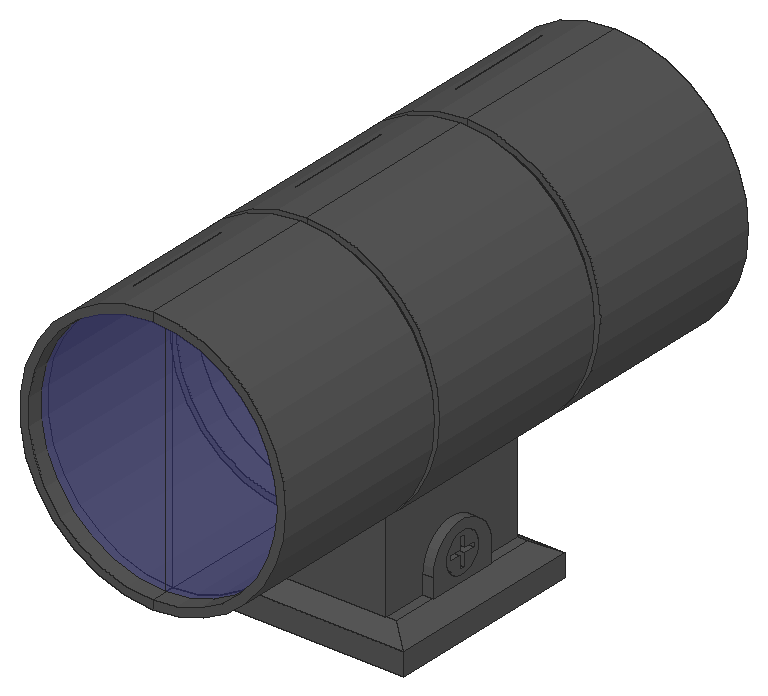
Revit family "CARLO CYLINDER LIGHT WALL MOUNT", category Lighting Fixtures, host Face, Revit 2020 (continued)
Types (10): name | Wattage_Input | Wattage Comments | Wattage | Photometric Web File | built-in parameter 1150142 | Model | built-in parameter 1150105 | Lumens | Light Length 1 | LIGHT RADIUS | LIGHT PLACEMENT | LIGHT LENGTH | LIGHT DIA | built-in parameter 1150106 | FIXED END HEIGHT | Curve base Height | Base Curve | BEAMING ANGLE | Apparent Load
    9 638.21 659.03 683.14 712.03 745.85 788.79 847.54 914.67 984.1 \r\n 1058.5 1135.5 1224.3 1334.8 1463 1609.2 1770.6 1944.7 2130.4 2327.1 \r\n 2530.4 2735.7 2942.7 3149.5 3355.6 3560.1 3762.7 3965.2 4160.2 4339.4 \r\n 4507.2 4665.7 4812.8 4948 5069.2 5173.6 5263.3 5338.9 5403.2 5459.5 \r\n 5509.6 \r\n5444.5 5439.9 5380.1 5312.9 5233.2 5135.2 5022.9 4898.8 4762 4612.4 \r\n 4449.5 4271.9 4082.4 3881.6 3674.9 3467.6 3260.2 3055.4 2851.1 2645.9 \r\n 2441.2 2235.2 2036.4 1853.1 1684.7 1533.7 1398.1 1277.4 1170 1074.4 \r\n 990.84 919.72 858.99 807 762.81 725.09 693.28 666.72 644.39 625.11 \r\n 608.71 594.72 582.81 572.57 563.8 556.2 549.54 543.47 538.01 533.08 \r\n 528.64 524.77 521.12 517.25 513.58 510.61 507.72 504.21 500.87 498.59 \r\n 496.49 493.71 491.12 489.58 488.2 486.33 484.09 481.43 478.17 474.86 \r\n 469.17 458.88 444.21 424.14 400.2 373.36 344.21 313.34 281.7 250.59 \r\n 219.52 187.94 157.32 128.72 102.77 79.83 61.697 51.475 45.587 41.716 \r\n 39.189 36.433 33.834 31.217 28.686 26.211 24.018 22.428 21.116 19.846 \r\n 18.668 17.556 16.495 15.46 14.449 13.445 12.471 11.547 10.673 9.8716 \r\n 9.1019 8.3134 7.5571 6.8702 6.2443 5.685 5.1869 4.7462 4.3634 4.0465 \r\n 3.7699 3.5064 3.2682 3.06 2.877 2.7185 2.5768 2.4433 2.32 2.2063 \r\n 2.1014 2.0047 1.9153 1.8326 1.7559 1.6849 1.6174 1.5505 1.4853 1.4218 \r\n 1.3603 1.3013 1.2439 1.1872 1.1316 1.0771 1.0243 0.97488 0.92587 0.87272 \r\n 0.82137 0.77877 0.7374 0.68984 0.64278 0.60185 0.56278 0.52161 0.48308 0.45321 \r\n 0.4242 0.38776 0.35147 0.32095 0.29378 0.27141 0.24779 0.21708 0.18614 0.16203 \r\n 0.13826 0.1108 0.079388 0.036014 0 0 0 0 0 0 \r\n 0 0 0 0 0 0 0 0.040896 0.089542 0.12319 \r\n 0.15154 0.17555 0.19878 0.22676 0.25446 0.27737 0.29951 0.32558 0.35623 0.39655 \r\n 0.43783 0.46975 0.50217 0.54422 0.58768 0.62485 0.66324 0.71015 0.75848 0.80131 \r\n 0.8454 0.89727 0.9507 1.0002 1.05 1.1031 1.1578 1.2129 1.2689 1.3255 \r\n 1.384 1.4455 1.5096 1.5763 1.6448 1.7131 1.7843 1.8605 1.9429 2.0337 \r\n 2.1321 2.2378 2.3514 2.4728 2.604 2.7441 2.9013 3.0819 3.2901 3.5358 \r\n 3.808 4.09 4.4101 4.7907 5.2333 5.7537 6.3315 6.9452 7.6134 8.3604 \r\n 9.1482 9.9381 10.756 11.612 12.519 13.511 14.534 15.528 16.553 17.662 \r\n 18.823 19.989 21.263 22.672 24.391 26.744 29.307 31.693 34.114 36.597 \r\n 39.3 41.555 45.857 54.595 67.422 85.275 106.68 130.24 156.69 187.11 \r\n 219.18 250.84 282.48 314.14 344.88 373.94 400.72 424.65 444.88 460.16 \r\n 471.07 476.95 480.33 483.76 486.58 488.97 491.03 492.73 494.6 497.41 \r\n 500.36 502.61 505.03 508.48 512.12 515.16 518.28 522.06 526.09 530.08 \r\n 534.29 538.89 543.91 549.35 555.46 562.36 570.33 579.55 590.35 602.98 \r\n 617.8 635.02 655.29 678.84 707 740.31 781.3 833.7 894.39 960.9 \r\n 1035 1116 1208.8 1318.4 1444 1586.7 1744.7 1917 2102.4 2301.6 \r\n 2507.5 2712.5 2918.3 3123.8 3329.3 3534.9 3739.4 3943.9 4141.4 4324.5 \r\n 4496 4656.2 4804.3 4939.9 5062.1 5169.8 5263 5340 5405.1 5462.5 \r\n 5509.6 \r\n5444.5 5461 5402.8 5337 5258.8 5162.6 5052 4929.1 4793.3 4644.5 \r\n 4482.8 4308.1 4121.4 3921.9 3715.9 3509.8 3303.2 3098.4 2893.9 2689.3 \r\n 2484.7 2276.9 2075.9 1891 1720.4 1565.7 1426.4 1303.4 1194.5 1097.9 \r\n 1013.1 939.24 875.41 820.66 774.11 734.91 702.04 674.52 651.43 631.62 \r\n 614.78 600.31 587.96 577.36 568.26 560.36 553.47 547.29 541.77 536.78 \r\n 532.26 528.2 524.35 520.3 516.52 513.56 510.7 507.11 503.69 501.38 \r\n 499.25 496.4 493.73 492.16 490.78 488.94 486.75 484.16 480.97 477.74 \r\n 472.06 461.53 446.63 426.56 402.66 375.75 346.49 315.45 283.58 252.12 \r\n 220.68 188.74 157.88 129.4 103.7 81.126 63.122 52.19 45.527 41.53 \r\n 39.093 36.439 33.974 31.496 29.058 26.539 24.253 22.583 21.207 19.932 \r\n 18.761 17.627 16.543 15.509 14.504 13.494 12.515 11.597 10.73 9.9262 \r\n 9.1514 8.358 7.5994 6.9197 6.2995 5.7323 5.2243 4.7811 4.3974 4.0774 \r\n 3.7973 3.5306 3.2899 3.0812 2.8983 2.7398 2.5983 2.4655 2.3426 2.2283 \r\n 2.1225 2.0247 1.9345 1.8514 1.7744 1.7028 1.6341 1.565 1.4979 1.4346 \r\n 1.3737 1.3149 1.2576 1.201 1.1455 1.0907 1.0373 0.98695 0.9371 0.88414 \r\n 0.83317 0.79049 0.7488 0.70027 0.65275 0.61382 0.57639 0.5334 0.49241 0.46199 \r\n 0.43208 0.39186 0.35216 0.32187 0.29603 0.27455 0.25167 0.22194 0.19171 0.16761 \r\n 0.14348 0.11557 0.083289 0.037883 0 0 0 0 0 0 \r\n 0 0 0 0 0 0 0 0.037883 0.083289 0.11557 \r\n 0.14348 0.16761 0.19171 0.22194 0.25167 0.27455 0.29603 0.32187 0.35216 0.39186 \r\n 0.43208 0.46199 0.49241 0.5334 0.57639 0.61382 0.65275 0.70027 0.7488 0.79049 \r\n 0.83317 0.88414 0.9371 0.98695 1.0373 1.0907 1.1455 1.201 1.2576 1.3149 \r\n 1.3737 1.4346 1.4979 1.565 1.6341 1.7028 1.7744 1.8514 1.9345 2.0247 \r\n 2.1225 2.2283 2.3426 2.4655 2.5983 2.7398 2.8983 3.0812 3.2899 3.5306 \r\n 3.7973 4.0774 4.3974 4.7811 5.2243 5.7323 6.2995 6.9197 7.5994 8.358 \r\n 9.1514 9.9262 10.73 11.597 12.515 13.494 14.504 15.509 16.543 17.627 \r\n 18.761 19.932 21.207 22.583 24.254 26.539 29.058 31.496 33.974 36.439 \r\n 39.093 41.53 45.527 52.19 63.122 81.126 103.7 129.4 157.88 188.74 \r\n 220.68 252.12 283.58 315.45 346.49 375.75 402.66 426.56 446.63 461.53 \r\n 472.06 477.74 480.97 484.16 486.75 488.94 490.78 492.16 493.73 496.4 \r\n 499.25 501.38 503.69 507.11 510.7 513.56 516.52 520.3 524.35 528.2 \r\n 532.26 536.78 541.77 547.29 553.47 560.36 568.26 577.36 587.96 600.31 \r\n 614.78 631.62 651.43 674.52 702.04 734.91 774.11 820.66 875.41 939.24 \r\n 1013.1 1097.9 1194.5 1303.4 1426.4 1565.7 1720.4 1891 2075.9 2276.9 \r\n 2484.7 2689.3 2893.9 3098.4 3303.2 3509.8 3715.9 3921.9 4121.4 4308.1 \r\n 4482.8 4644.5 4793.3 4929.1 5052 5162.6 5258.8 5337 5402.8 5461 \r\n 5509.6 \r\n5444.5 5462.5 5405.1 5340 5263 5169.8 5062.1 4939.9 4804.3 4656.2 \r\n 4496 4324.5 4141.4 3943.9 3739.4 3534.9 3329.3 3123.8 2918.3 2712.5 \r\n 2507.5 2301.6 2102.4 1917 1744.7 1586.7 1444 1318.4 1208.8 1116 \r\n 1035 960.9 894.39 833.7 781.3 740.31 707 678.84 655.29 635.02 \r\n 617.8 602.98 590.35 579.55 570.33 562.36 555.46 549.35 543.91 538.89 \r\n 534.29 530.08 526.09 522.06 518.28 515.16 512.12 508.48 505.03 502.61 \r\n 500.36 497.41 494.6 492.73 491.03 488.97 486.58 483.76 480.33 476.95 \r\n 471.07 460.16 444.88 424.65 400.72 373.94 344.88 314.14 282.48 250.84 \r\n 219.18 187.11 156.69 130.24 106.68 85.275 67.422 54.595 45.857 41.555 \r\n 39.3 36.597 34.114 31.693 29.307 26.744 24.391 22.672 21.263 19.989 \r\n 18.823 17.662 16.553 15.528 14.534 13.511 12.519 11.612 10.756 9.9381 \r\n 9.1482 8.3604 7.6134 6.9452 6.3315 5.7537 5.2333 4.7907 4.4101 4.09 \r\n 3.808 3.5358 3.2901 3.0819 2.9013 2.7441 2.604 2.4728 2.3514 2.2378 \r\n 2.1321 2.0337 1.9429 1.8605 1.7843 1.7131 1.6448 1.5763 1.5096 1.4455 \r\n 1.384 1.3255 1.2689 1.2129 1.1578 1.1031 1.05 1.0002 0.9507 0.89727 \r\n 0.8454 0.80131 0.75848 0.71015 0.66324 0.62485 0.58768 0.54422 0.50217 0.46975 \r\n 0.43783 0.39655 0.35623 0.32558 0.29951 0.27737 0.25446 0.22676 0.19878 0.17555 \r\n 0.15154 0.12319 0.089542 0.040896 0 0 0 0 0 0 \r\n 0 0 0 0 0 0 0 0.036014 0.079388 0.1108 \r\n 0.13826 0.16203 0.18614 0.21708 0.24779 0.27141 0.29378 0.32095 0.35147 0.38776 \r\n 0.4242 0.45321 0.48308 0.52161 0.56278 0.60185 0.64278 0.68984 0.7374 0.77877 \r\n 0.82137 0.87272 0.92587 0.97488 1.0243 1.0771 1.1316 1.1872 1.2439 1.3013 \r\n 1.3603 1.4218 1.4853 1.5505 1.6174 1.6849 1.7559 1.8326 1.9153 2.0047 \r\n 2.1014 2.2063 2.32 2.4433 2.5768 2.7185 2.877 3.06 3.2682 3.5064 \r\n 3.7699 4.0465 4.3634 4.7462 5.1869 5.685 6.2443 6.8702 7.5571 8.3134 \r\n 9.1019 9.8716 10.673 11.547 12.471 13.445 14.449 15.46 16.495 17.556 \r\n 18.668 19.846 21.116 22.428 24.018 26.211 28.686 31.217 33.834 36.433 \r\n 39.189 41.716 45.587 51.475 61.697 79.83 102.77 128.72 157.32 187.94 \r\n 219.52 250.59 281.7 313.34 344.21 373.36 400.2 424.14 444.21 458.88 \r\n 469.17 474.86 478.17 481.43 484.09 486.33 488.2 489.58 491.12 493.71 \r\n 496.49 498.59 500.87 504.21 507.72 510.61 513.58 517.25 521.12 524.77 \r\n 528.64 533.08 538.01 543.47 549.54 556.2 563.8 572.57 582.81 594.72 \r\n 608.71 625.11 644.39 666.72 693.28 725.09 762.81 807 858.99 919.72 \r\n 990.84 1074.4 1170 1277.4 1398.1 1533.7 1684.7 1853.1 2036.4 2235.2 \r\n 2441.2 2645.9 2851.1 3055.4 3260.2 3467.6 3674.9 3881.6 4082.4 4271.9 \r\n 4449.5 4612.4 4762 4898.8 5022.9 5135.2 5233.2 5312.9 5380.1 5439.9 \r\n 5509.6 \r\n5444.5 5459.5 5403.2 5338.9 5263.3 5173.6 5069.2 4948 4812.8 4665.7 \r\n 4507.2 4339.4 4160.2 3965.2 3762.7 3560.1 3355.6 3149.5 2942.7 2735.7 \r\n 2530.4 2327.1 2130.3 1944.7 1770.6 1609.2 1463 1334.8 1224.3 1135.5 \r\n 1058.5 984.1 914.67 847.54 788.79 745.85 712.03 683.14 659.03 638.21 \r\n 620.49 605.28 592.33 581.33 571.99 563.97 557.07 551.05 545.68 540.64 \r\n 535.97 531.63 527.54 523.58 519.84 516.53 513.29 509.63 506.16 503.61 \r\n 501.2 498.15 495.18 492.96 490.88 488.56 485.92 482.8 479.09 475.5 \r\n 469.42 458.26 442.78 422.49 398.62 372.07 343.33 313.01 281.65 249.89 \r\n 218.09 185.97 156.1 131.83 110.56 90.324 72.522 57.526 46.438 41.753 \r\n 39.662 36.87 34.332 31.943 29.593 26.991 24.578 22.807 21.356 20.074 \r\n 18.904 17.715 16.583 15.563 14.578 13.541 12.536 11.641 10.795 9.9597 \r\n 9.1525 8.3718 7.638 6.9798 6.3707 5.7819 5.2488 4.8058 4.4272 4.1058 \r\n 3.8209 3.5423 3.2911 3.0828 2.9039 2.7475 2.6083 2.4785 2.3584 2.2454 \r\n 2.1398 2.0408 1.9495 1.8677 1.7923 1.7216 1.6539 1.5866 1.5206 1.4557 \r\n 1.3932 1.3351 1.2792 1.2237 1.1691 1.1148 1.062 1.0129 0.96393 0.91006 \r\n 0.85722 0.81151 0.76738 0.71939 0.67321 0.63505 0.59787 0.55433 0.51164 0.47709 \r\n 0.44311 0.40157 0.3614 0.33036 0.30372 0.28047 0.25722 0.2317 0.20621 0.18391 \r\n 0.16005 0.13145 0.096555 0.044309 0 0 0 0 0 0 \r\n 0 0 0 0 0 0 0 0.035089 0.077388 0.1081 \r\n 0.13507 0.15852 0.18259 0.21391 0.24533 0.26999 0.2937 0.32247 0.35328 0.38577 \r\n 0.41808 0.44652 0.47628 0.51233 0.55159 0.59246 0.63552 0.68191 0.72835 0.76972 \r\n 0.81266 0.86458 0.91799 0.96607 1.0143 1.0665 1.1206 1.1762 1.233 1.2904 \r\n 1.3494 1.4118 1.4755 1.5385 1.6028 1.669 1.7392 1.8155 1.8977 1.9862 \r\n 2.082 2.1858 2.2987 2.4225 2.5566 2.6984 2.8568 3.0399 3.2479 3.4847 \r\n 3.7462 4.0204 4.3349 4.7167 5.1553 5.6451 6.1982 6.8304 7.5241 8.2761 \r\n 9.0587 9.827 10.63 11.509 12.438 13.409 14.41 15.426 16.462 17.503 \r\n 18.595 19.785 21.053 22.304 23.814 25.913 28.343 30.974 33.746 36.508 \r\n 39.4 42.001 45.847 51.465 61.455 79.745 102.87 128.75 157.14 187.44 \r\n 218.63 249.31 280.05 311.36 341.94 370.87 397.55 421.44 441.43 455.75 \r\n 465.73 471.44 474.88 478.27 481.06 483.41 485.38 486.84 488.41 490.95 \r\n 493.66 495.77 498.05 501.29 504.72 507.67 510.68 514.21 517.88 521.31 \r\n 524.99 529.33 534.2 539.56 545.48 551.88 559.15 567.59 577.45 588.93 \r\n 602.48 618.5 637.31 658.91 684.55 715.3 751.75 794.42 844.51 902.65 \r\n 971.13 1052.8 1146.6 1252 1370.3 1502.3 1649.8 1816.2 1997.5 2193.2 \r\n 2396.8 2601.5 2807.5 3011.9 3217 3425.2 3633.4 3840.6 4042.3 4234.2 \r\n 4414.3 4578.1 4728.4 4866.2 4991.4 5105 5204.3 5285.3 5353.9 5415.2 \r\n 5509.6 \r\n5444.5 5453.7 5398.8 5335.6 5261.8 5175.8 5075.2 4955.4 4821.2 4675.5 \r\n 4519.2 4355.2 4180.1 3988.2 3788.2 3587.8 3384.6 3178 2970.2 2762.1 \r\n 2556.5 2356.1 2162.1 1976 1799.9 1635.2 1485.5 1354.4 1242.7 1157.2 \r\n 1083.5 1008.4 935.81 862.25 797.2 752.17 717.65 687.86 663.04 641.51 \r\n 623.17 607.46 594.14 582.91 573.42 565.32 558.41 552.44 547.14 542.07 \r\n 537.34 532.9 528.74 524.87 521.21 517.73 514.3 510.63 507.16 504.46 \r\n 501.88 498.73 495.61 493.02 490.53 487.92 485.01 481.58 477.57 473.75 \r\n 467.52 456.29 440.83 420.63 396.95 370.74 342.4 312.54 281.54 249.75 \r\n 217.89 185.8 156.49 134.28 115.11 95.876 77.976 60.747 47.273 42.152 \r\n 40.179 37.267 34.653 32.272 29.943 27.307 24.843 23.009 21.502 20.196 \r\n 19.012 17.796 16.641 15.621 14.64 13.59 12.575 11.689 10.851 9.9979 \r\n 9.173 8.3998 7.6791 7.0277 6.4201 5.8208 5.276 4.8308 4.4518 4.1272 \r\n 3.8378 3.5525 3.2955 3.0863 2.9079 2.7513 2.6122 2.4832 2.3639 2.2511 \r\n 2.1454 2.0459 1.9541 1.8727 1.7979 1.7277 1.6606 1.5945 1.5295 1.4636 \r\n 1.4001 1.3422 1.287 1.232 1.1779 1.1241 1.0718 1.0234 0.97482 0.92066 \r\n 0.86701 0.81971 0.77425 0.72662 0.68115 0.64293 0.6056 0.56236 0.51952 0.48299 \r\n 0.44716 0.40611 0.36676 0.33537 0.30798 0.28331 0.25949 0.23612 0.21315 0.19171 \r\n 0.16801 0.13947 0.10362 0.047786 0 0 0 0 0 0 \r\n 0 0 0 0 0 0 0.000000 0.035315 0.077723 0.10799 \r\n 0.13447 0.15776 0.18188 0.21334 0.24528 0.27119 0.29656 0.32696 0.3581 0.38685 \r\n 0.41521 0.44347 0.47352 0.50741 0.54496 0.58759 0.63265 0.67824 0.72354 0.76526 \r\n 0.80891 0.8615 0.9152 0.96243 1.0095 1.0611 1.1148 1.1703 1.2272 1.2844 \r\n 1.3435 1.4068 1.4707 1.5314 1.5931 1.6581 1.7275 1.8032 1.885 1.9726 \r\n 2.0674 2.1701 2.2823 2.4063 2.541 2.6828 2.8412 3.0244 3.2323 3.4687 \r\n 3.7295 4.0026 4.3157 4.6968 5.1336 5.6174 6.1664 6.8051 7.5051 8.2521 \r\n 9.029 9.7994 10.607 11.491 12.424 13.393 14.392 15.413 16.451 17.475 \r\n 18.55 19.754 21.024 22.218 23.652 25.659 28.045 30.776 33.706 36.638 \r\n 39.684 42.34 46.258 52.107 62.334 80.786 103.93 129.56 157.58 187.51 \r\n 218.32 248.66 279.05 309.97 340.19 368.83 395.26 419 438.8 452.66 \r\n 462.24 467.96 471.56 475.11 478.07 480.56 482.64 484.24 485.91 488.41 \r\n 491.05 493.2 495.52 498.66 502 505.03 508.1 511.48 514.93 518.15 \r\n 521.65 525.89 530.67 535.91 541.65 547.77 554.72 562.83 572.33 583.41 \r\n 596.54 612.24 630.63 651.56 676.37 706.13 741.5 783.25 832.18 888.46 \r\n 954.75 1034.1 1125.5 1228.5 1344.2 1472.8 1617 1781.4 1960.8 2153 \r\n 2353.6 2558.3 2765.2 2970 3175.6 3384.6 3593.6 3801.2 4003.7 4197.5 \r\n 4379.5 4544.2 4695.1 4833.9 4960.1 5074.5 5174.8 5257 5326.9 5389.5 \r\n 5509.6 \r\n5444.5 5446.9 5393.8 5332.2 5260.5 5178.6 5082 4964.4 4831.8 4688 \r\n 4534.2 4374.4 4203.6 4015.3 3818.4 3620.5 3418.8 3212.2 3003.6 2794.7 \r\n 2589.1 2391.4 2199.9 2013.1 1834.7 1666.8 1513.5 1379.2 1265.6 1181.7 \r\n 1109.8 1033.2 957.34 877.9 807.16 759.93 724.39 693.47 667.7 645.26 \r\n 626.14 609.81 596.02 584.47 574.78 566.55 559.57 553.61 548.31 543.21 \r\n 538.42 533.92 529.74 525.98 522.42 518.81 515.22 511.57 508.11 505.27 \r\n 502.5 499.26 496 493.06 490.18 487.29 484.13 480.38 476.1 472.07 \r\n 465.76 454.71 439.55 419.64 396.3 370.52 342.64 313.25 282.61 250.87 \r\n 219.04 187.07 158.27 137.7 120.12 101.53 83.341 64.024 48.365 42.78 \r\n 40.848 37.798 35.098 32.704 30.383 27.722 25.213 23.3 21.714 20.366 \r\n 19.154 17.911 16.736 15.71 14.725 13.666 12.643 11.764 10.931 10.06 \r\n 9.2184 8.4522 7.7425 7.0931 6.4829 5.8747 5.3198 4.8698 4.4869 4.1563 \r\n 3.8605 3.5687 3.3062 3.0946 2.915 2.7568 2.6164 2.4873 2.3682 2.2549 \r\n 2.1487 2.0486 1.9565 1.8749 1.8003 1.7303 1.6637 1.5989 1.5347 1.468 \r\n 1.4033 1.3456 1.2908 1.2363 1.1826 1.1294 1.0777 1.0297 0.98139 0.92721 \r\n 0.87316 0.82452 0.77787 0.73048 0.68551 0.64704 0.6095 0.56696 0.52451 0.48643 \r\n 0.44924 0.40935 0.3714 0.33981 0.31159 0.28536 0.26079 0.23936 0.21873 0.19796 \r\n 0.1744 0.14632 0.11003 0.050992 0 0 0 0 0 0 \r\n 0 0 0 0 0 0 0.0010498 0.03749 0.080825 0.11093 \r\n 0.13703 0.16043 0.18478 0.21626 0.24858 0.27592 0.30309 0.33499 0.3664 0.39199 \r\n 0.41707 0.44556 0.47631 0.50871 0.54506 0.5892 0.63587 0.68061 0.7249 0.76729 \r\n 0.81196 0.86525 0.91925 0.96583 1.0121 1.0631 1.1165 1.1718 1.2287 1.2858 \r\n 1.3449 1.4088 1.4729 1.5316 1.5909 1.6549 1.7236 1.7989 1.8802 1.967 \r\n 2.061 2.1626 2.274 2.3982 2.5332 2.6751 2.8334 3.0168 3.2249 3.4619 \r\n 3.7233 3.9969 4.3101 4.6905 5.1261 5.6067 6.1541 6.7989 7.5046 8.2475 \r\n 9.0203 9.7961 10.61 11.498 12.434 13.402 14.402 15.429 16.469 17.477 \r\n 18.54 19.759 21.034 22.177 23.543 25.464 27.808 30.632 33.709 36.799 \r\n 39.999 42.685 46.773 53.345 64.272 82.864 105.89 131.2 158.82 188.43 \r\n 218.94 249.01 279.11 309.65 339.47 367.76 393.89 417.36 436.84 450.11 \r\n 459.19 464.88 468.64 472.36 475.51 478.12 480.33 482.12 483.93 486.4 \r\n 488.98 491.2 493.56 496.6 499.85 502.97 506.11 509.34 512.59 515.63 \r\n 518.96 523.1 527.77 532.85 538.39 544.25 550.9 558.71 567.89 578.6 \r\n 591.36 606.77 624.8 645.15 669.24 698.12 732.63 773.85 822.18 877.57 \r\n 942.48 1019.6 1108.3 1208.2 1320.8 1446.3 1587.8 1750.3 1927.7 2116.3 \r\n 2314 2518.5 2726.2 2931.6 3138 3347.8 3557.6 3765.8 3968.9 4164.2 \r\n 4347.7 4513.2 4664.6 4804.4 4931.5 5046.4 5147.3 5230.5 5301.6 5365.3 \r\n 5509.6 \r\n5444.5 5444.3 5394.3 5335.6 5267.1 5189 5096.5 4982.8 4854 4713.2 \r\n 4562.4 4406.8 4240.6 4056.9 3864.1 3669.1 3469.4 3263.7 3055.7 2847.3 \r\n 2642.3 2445.8 2254.7 2065.7 1884.1 1713.1 1556.3 1418 13
